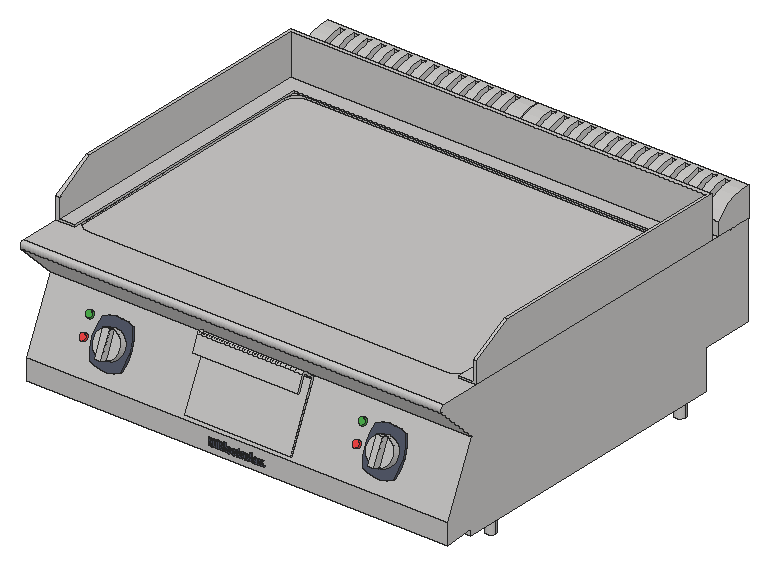
Revit family "QF_ELECTROLUXPROFESSIONAL_371194_E7FTEHCSI0", category Specialty Equipment, Revit 2018 (continued)
Automatic sketch dimensions
  Extrusion 21 sketch curve to Extrusion 21 sketch curve = 0.069 mm
  Extrusion 21 sketch curve to Extrusion 21 sketch curve = 1.88 mm
  Extrusion 21 sketch curve to Extrusion 21 sketch curve = 0.42 mm
  Extrusion 21 sketch curve to Extrusion 21 sketch curve = 0.062 mm
  Extrusion 21 sketch curve to Extrusion 21 sketch curve = 1.355 mm
  Extrusion 21 sketch curve to Extrusion 21 sketch curve = 2.34 mm
  Extrusion 21 sketch curve to Extrusion 21 sketch curve = 0.493 mm
  Extrusion 21 sketch curve to Extrusion 21 sketch curve = 0.136 mm
  Extrusion 21 sketch curve to Extrusion 21 sketch curve = 0.128 mm
  Extrusion 21 sketch curve to Extrusion 21 sketch curve = 3.616 mm
  Extrusion 21 sketch curve to Extrusion 21 sketch curve = 4.207 mm
  Extrusion 21 sketch curve to Extrusion 21 sketch curve = 0.183 mm
  Extrusion 21 sketch curve to Extrusion 21 sketch curve = 0.895 mm
  Extrusion 21 sketch curve to Extrusion 21 sketch curve = 1.314 mm
  Extrusion 21 sketch curve to Extrusion 21 sketch curve = 3.231 mm
  Extrusion 21 sketch curve to Extrusion 21 sketch curve = 1.299 mm
  Extrusion 21 sketch curve to Extrusion 21 sketch curve = 1.214 mm
  Extrusion 21 sketch curve to Extrusion 21 sketch curve = 1.264 mm
  Extrusion 21 sketch curve to Extrusion 21 sketch curve = 0.109 mm
  Extrusion 21 sketch curve to Extrusion 21 sketch curve = 0.357 mm
  Extrusion 21 sketch curve to Extrusion 21 sketch curve = 0.565 mm
  Extrusion 21 sketch curve to Extrusion 21 sketch curve = 2.504 mm
  Extrusion 21 sketch curve to Extrusion 21 sketch curve = 2.459 mm
  Extrusion 21 sketch curve to Extrusion 21 sketch curve = 1.322 mm
  Extrusion 21 sketch curve to Extrusion 21 sketch curve = 2.77 mm
  Extrusion 21 sketch curve to Extrusion 21 sketch curve = 2.51 mm
  Extrusion 21 sketch curve to Extrusion 21 sketch curve = 0.187 mm
  Extrusion 21 sketch curve to Extrusion 21 sketch curve = 2.559 mm
  Extrusion 21 sketch curve to Extrusion 21 sketch curve = 1.556 mm
  Extrusion 21 sketch curve to Extrusion 21 sketch curve = 0.222 mm
  Extrusion 21 sketch curve to Extrusion 21 sketch curve = 1.383 mm
  Extrusion 21 sketch curve to Extrusion 21 sketch curve = 3.114 mm
  Extrusion 21 sketch curve to Extrusion 21 sketch curve = 3.376 mm
  Extrusion 21 sketch curve to Extrusion 21 sketch curve = 0.934 mm
  Extrusion 21 sketch curve to Extrusion 21 sketch curve = 0.191 mm
  Extrusion 21 sketch curve to Extrusion 21 sketch curve = 3.696 mm
  Extrusion 21 sketch curve to Extrusion 21 sketch curve = 2.708 mm
  Extrusion 21 sketch curve to Extrusion 21 sketch curve = 3.333 mm
  Extrusion 21 sketch curve to Extrusion 21 sketch curve = 0.332 mm
  Extrusion 21 sketch curve to Extrusion 21 sketch curve = 1.087 mm
  Extrusion 21 sketch curve to Extrusion 21 sketch curve = 2.23 mm
  Extrusion 21 sketch curve to Extrusion 21 sketch curve = 2.757 mm
  Extrusion 21 sketch curve to Extrusion 21 sketch curve = 0.987 mm
  Extrusion 21 sketch curve to Extrusion 21 sketch curve = 1.529 mm
  Extrusion 21 sketch curve to Extrusion 21 sketch curve = 1.796 mm
  Extrusion 21 sketch curve to Extrusion 21 sketch curve = 2.859 mm
  Extrusion 21 sketch curve to Extrusion 21 sketch curve = 0.853 mm
  Extrusion 21 sketch curve to Extrusion 21 sketch curve = 1.241 mm
  Extrusion 21 sketch curve to Extrusion 21 sketch curve = 2.046 mm  (x2)
  Extrusion 21 sketch curve to Extrusion 21 sketch curve = 2.422 mm
  Extrusion 21 sketch curve to Extrusion 21 sketch curve = 0.27 mm  (x2)
  Extrusion 21 sketch curve to Extrusion 21 sketch curve = 0.69 mm
  Extrusion 21 sketch curve to Extrusion 21 sketch curve = 0.781 mm  (x2)
  Extrusion 21 sketch curve to Extrusion 21 sketch curve = 3.136 mm
  Extrusion 21 sketch curve to Extrusion 21 sketch curve = 1.767 mm
  Extrusion 21 sketch curve to Extrusion 21 sketch curve = 0.138 mm
  Extrusion 21 sketch curve to Extrusion 21 sketch curve = 0.777 mm
  Extrusion 21 sketch curve to Extrusion 21 sketch curve = 1.19 mm
  Extrusion 21 sketch curve to Extrusion 21 sketch curve = 0.782 mm
  Extrusion 21 sketch curve to Extrusion 21 sketch curve = 1.268 mm
  Extrusion 21 sketch curve to Extrusion 21 sketch curve = 0.422 mm  (x2)
  Extrusion 21 sketch curve to Extrusion 21 sketch curve = 1.559 mm
  Extrusion 21 sketch curve to Extrusion 21 sketch curve = 3.927 mm
  Extrusion 21 sketch curve to Extrusion 21 sketch curve = 0.983 mm
  Extrusion 21 sketch curve to Extrusion 21 sketch curve = 1.134 mm
  Extrusion 21 sketch curve to Extrusion 21 sketch curve = 0.094 mm
  plane 7 "Center Y" to Extrusion 21 sketch curve = 1.575 mm
  Extrusion 21 sketch curve to Extrusion 21 sketch curve = 1.501 mm
  Extrusion 21 sketch curve to Extrusion 21 sketch curve = 1.808 mm
  Extrusion 21 sketch curve to Extrusion 21 sketch curve = 0.643 mm
  Extrusion 21 sketch curve to Extrusion 21 sketch curve = 0.916 mm
  Extrusion 21 sketch curve to Extrusion 21 sketch curve = 0.352 mm
  Extrusion 21 sketch curve to Extrusion 21 sketch curve = 0.458 mm
  Extrusion 21 sketch curve to Extrusion 21 sketch curve = 1.282 mm
  Extrusion 21 sketch curve to Extrusion 21 sketch curve = 1.363 mm
  Extrusion 21 sketch curve to Extrusion 21 sketch curve = 0.685 mm
  Extrusion 21 sketch curve to Extrusion 21 sketch curve = 0.905 mm
  Extrusion 21 sketch curve to Extrusion 21 sketch curve = 2.865 mm
  Extrusion 21 sketch curve to Extrusion 21 sketch curve = 0.472 mm
  Extrusion 21 sketch curve to Extrusion 21 sketch curve = 0.101 mm
  Extrusion 21 sketch curve to Extrusion 21 sketch curve = 0.54 mm
  Extrusion 21 sketch curve to Extrusion 21 sketch curve = 0.02 mm
  Extrusion 21 sketch curve to Extrusion 21 sketch curve = 0.468 mm
  Extrusion 21 sketch curve to Extrusion 21 sketch curve = 0.829 mm
  Extrusion 21 sketch curve to Extrusion 21 sketch curve = 0.582 mm
  Extrusion 21 sketch curve to Extrusion 21 sketch curve = 0.166 mm
  Extrusion 21 sketch curve to Extrusion 21 sketch curve = 0.16 mm
  Extrusion 21 sketch curve to Extrusion 21 sketch curve = 2.781 mm
  Extrusion 21 sketch curve to Extrusion 21 sketch curve = 1.118 mm
  Extrusion 21 sketch curve to Extrusion 21 sketch curve = 0.613 mm
  Extrusion 21 sketch curve to Extrusion 21 sketch curve = 0.361 mm
  Extrusion 21 sketch curve to Extrusion 21 sketch curve = 0.897 mm
  Extrusion 21 sketch curve to Extrusion 21 sketch curve = 0.167 mm
  Extrusion 21 sketch curve to Extrusion 21 sketch curve = 0.292 mm
  Extrusion 21 sketch curve to Extrusion 21 sketch curve = 0.305 mm
  Extrusion 21 sketch curve to Extrusion 21 sketch curve = 1.557 mm
  Extrusion 21 sketch curve to Extrusion 21 sketch curve = 2.499 mm
  Extrusion 21 sketch curve to Extrusion 21 sketch curve = 3.062 mm
  Extrusion 21 sketch curve to Extrusion 21 sketch curve = 2.968 mm
  Extrusion 21 sketch curve to Extrusion 21 sketch curve = 5.044 mm
  Extrusion 21 sketch curve to Extrusion 21 sketch curve = 0.629 mm  (x2)
  Extrusion 21 sketch curve to Extrusion 21 sketch curve = 1.131 mm
  Extrusion 21 sketch curve to Extrusion 21 sketch curve = 0.137 mm
  Extrusion 21 sketch curve to Extrusion 21 sketch curve = 0.027 mm
  Extrusion 21 sketch curve to Extrusion 21 sketch curve = 2.235 mm
  plane 1 "BACK" to Extrusion 23 sketch curve = 6.761 mm  (x14)
  Extrusion 23 sketch curve to Extrusion 23 sketch curve = 57.15 mm
  Extrusion 23 sketch curve to Extrusion 23 sketch curve = 0 mm  (x13)
  plane 3 "LEFT" to Extrusion 23 sketch curve = 29.703 mm
  Extrusion 23 sketch curve to Extrusion 23 sketch curve = 9.296 mm  (x14)
  Extrusion 23 sketch curve to Extrusion 23 sketch curve = 16.193 mm  (x13)
  Extrusion 9 sketch curve to Extrusion 9 sketch curve = 0 mm  (x2)
  Extrusion 9 sketch curve to plane 5 "FRONT" = 16.776 mm
  Extrusion 9 sketch curve to Extrusion 9 sketch curve = 2.884 mm  (x3)
  Extrusion 9 sketch curve to plane 5 "FRONT" = 34.179 mm
  Extrusion 9 sketch curve to Extrusion 9 sketch curve = 12.662 mm
  Extrusion 9 sketch curve to Extrusion 9 sketch curve = 1.711 mm
  Extrusion 9 sketch curve to Extrusion 9 sketch curve = 1.332 mm
  Extrusion 9 sketch curve to Extrusion 9 sketch curve = 2.245 mm
  Extrusion 9 sketch curve to Extrusion 9 sketch curve = 14.843 mm
  Extrusion 9 sketch curve to Extrusion 9 sketch curve = 3.809 mm
  plane 9 "BASE" to Extrusion 9 sketch curve = 52.105 mm
  Extrusion 9 sketch curve to Extrusion 9 sketch curve = 1.327 mm  (x2)
  Extrusion 9 sketch curve to Extrusion 9 sketch curve = 13.211 mm
  Extrusion 9 sketch curve to Extrusion 9 sketch curve = 0.787 mm
  plane 5 "FRONT" to curve 3 = 0 mm
  curve 14 to plane 4 "RIGHT" = 0 mm
  curve 13 to plane 3 "LEFT" = 0 mm
  plane 5 "FRONT" to curve 1 = 0 mm
  plane 1 "BACK" to curve 5 = 0 mm
  plane 5 "FRONT" to curve 5 = 0 mm
  plane 4 "RIGHT" to curve 3 = 150.019 mm
  curve 19 to plane 4 "RIGHT" = 6.35 mm
  plane 11 to curve 10 = 21.6 mm
  curve 10 to plane 4 "RIGHT" = 35.025 mm
  curve 10 to curve 10 = 25.4 mm
  curve 11 to curve 16 = 26.421 mm
  plane 12 to curve 15 = 0.647 mm
  plane 3 "LEFT" to curve 15 = 60.425 mm
  curve 21 to curve 9 = 60.425 mm
  curve 8 to curve 7 = 25.4 mm
  curve 17 to curve 9 = 6.35 mm
  curve 2 to plane 3 "LEFT" = 150.019 mm
  curve 2 to plane 1 "BACK" = 150.019 mm
  curve 13 to curve 7 = 53.035 mm
  curve 13 to curve 17 = 24.36 mm
  curve 10 to curve 20 = 25.4 mm
  curve 8 to curve 9 = 25.4 mm
  radius of Extrusion 12 sketch curve = 25.4 mm
  radius of Extrusion 13 sketch curve to Extrusion 12 = 0 mm  (x2)
  radius of Extrusion 15 sketch curve = 25.4 mm
  radius of Extrusion 16 sketch curve to Extrusion 15 = 0 mm  (x2)
  radius of Extrusion 3 sketch curve = 9.525 mm  (x4)
  radius of Extrusion 4 sketch curve = 12.7 mm
  radius of Extrusion 17 sketch curve = 6.35 mm
  radius of Extrusion 18 sketch curve = 6.35 mm
  radius of Extrusion 19 sketch curve = 6.35 mm
  radius of Extrusion 20 sketch curve = 6.35 mm
Connectors
  electrical at (749.3, -98.425, 57.718), driven by "Volts", driven by "Watts"
    settings: on Extrusion 4, index 1, voltage 400 V, apparent load 8400 VA, apparent load phase1 0 VA, apparent load phase2 0 VA, apparent load phase3 0 VA, power factor 1, load classification "Other", number of poles 1, system type 30, power factor state 1, is connector primary yes, connector utility no, sub classification motor no, connector description "Electrical Connection"
